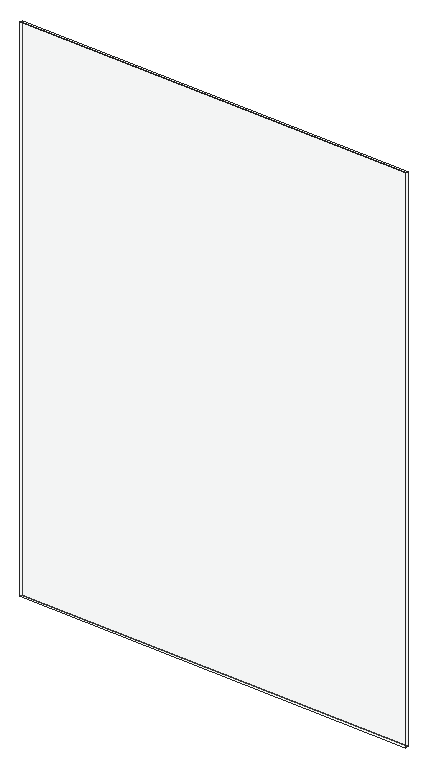
Revit family "Curtain_Panel_DORMA_ST-Flex-Green_Screenwork-Overpanel", category Fassadenelemente, Revit 2016
Family settings
  OmniClass-Nummer = 23.25.20.14.11.11.17
  OmniClass-Titel = Infill Panels
  Immer vertikal = Ja
  Beim Laden mit Abzugskörper schneiden = Nein
  Gemeinsam genutzt = Nein
Parameters (values of type "24mm Double Glazed")
  _current revision = 1  # constant formula
  _author = ""
  WarrentyStartDate = ""
  WarrentyDuration = 0
  TypeName = ""
  Thickness = 24 mm
  TagNumber = 0
  Size = ""
  SerialNumber = 0
  Offset = 0 mm
  NominalWidth = 0
  NominalHeight = 0
  InsallationDate = ""
  Grade = ""
  Glazing Material = Glass-Dorma Glazing-Clear
  Features = ""
  ExtIdentifier = ""
  Created On = ""
  Created By = ""
  ConnectionType = ""
  Colour = ""
  Barcode = 0
  AssetIdentifier = ""
  Analytische Konstruktion = "<None>"
  AccessibilityPerformance = ""
Reference planes
  plane 1 "Center (Front/Back)": y = 0
  plane 2: z = 0
  plane 3 "Center (Left/Right)": x = 0
  plane 4 "Left": x = -1500
  plane 5 "Right": x = 1500
  plane 6 "Top": z = 4000
  plane 7: y = 12
  plane 8: y = -12
  plane 9: y = 0
Forms (mm)
  Extrusion 1, solid, material "Glass-Dorma Glazing-Clear" <- "Glazing Material"
    sketch origin (0, 0, 0) x (1, 0, 0) y (0, 0, 1)
      loop
        line (1500, 4000) -> (-1500, 4000) -> (-1500, 0) -> (1500, 0) -> (1500, 4000)
    from -12 to 12
Text (mm)
  text "Exterior" at (-2351.972, 1416.179, 0), in view "Ref. Level"
  text "Exterior" at (0, 2290.741, 4406.713), in view "Left"
  text "Exterior" at (0, 1328.187, 4120.349), in view "Right"
Dimensions and locks
  equal spacing: plane 4 "Left", plane 3 "Center (Left/Right)", plane 5 "Right"
  equal spacing: plane 7, plane 9, plane 8
  "Thickness": plane 7 to plane 8
  "Offset": plane 9 to plane 1 "Center (Front/Back)"
  aligned and locked: level to plane 2
  aligned and locked: Extrusion 1 sketch curve to plane 6 "Top"
  aligned and locked: Extrusion 1 sketch curve to plane 2
  aligned and locked: plane 7 to Extrusion 1
  aligned and locked: Extrusion 1 to plane 8
  aligned and locked: plane 5 "Right" to Extrusion 1 sketch curve
  aligned and locked: Extrusion 1 sketch curve to plane 4 "Left"
